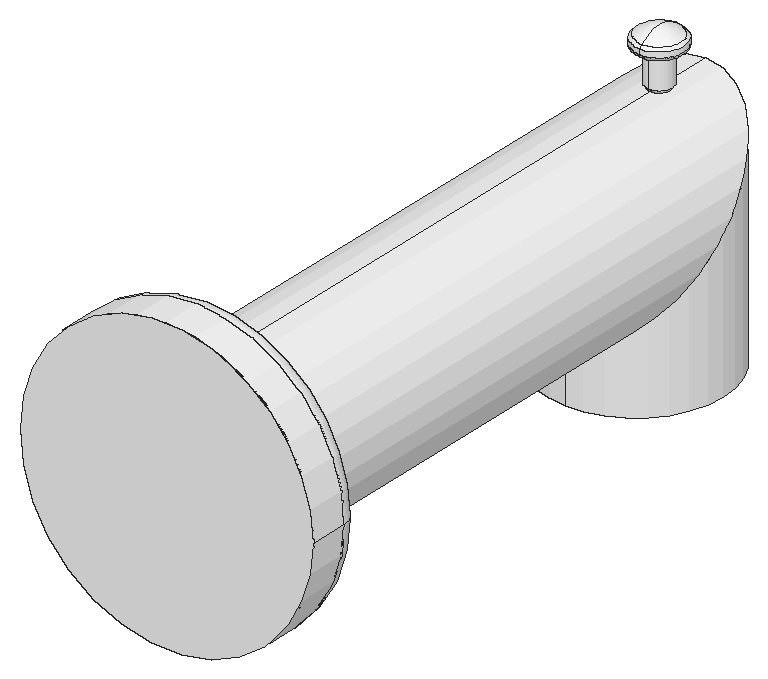
Revit family "S-1558_Speakman_Neo_Diverter Tub Spout", category Plumbing Fixtures, host Wall, Revit 2023
Family settings
  Host = Wall
  Round Connector Dimension = Use Diameter
  Part Type = Normal
  Enable Cutting in Views = Yes
  Always vertical = Yes
  Cut with Voids When Loaded = No
  Maintain Annotation Orientation = No
  Shared = No
  Room Calculation Point = No
Parameters
  Width = 0' - 5 3/4"
  MATERIAL_S-1558 = MATERIAL_S-1558
  Dia. = 0' - 1 1/2"
  Default Elevation = 0' - 0"
Reference planes (in)
  plane 1: y = 0
  plane 2 "Center (Left/Right)": x = 0
  plane 3 "Wall Edge": y = 3
  plane 4 "Center": z = 48.10815
  plane 5: y = 3.5
  plane 6: y = 8.75
  plane 7: x = 1.25
  plane 8: x = -1.25
  plane 9: z = 48.85815
  plane 10: z = 47.35815
  plane 11: y = 8
  plane 12: y = 7.25
  plane 13: y = 8.25
  plane 14: z = 49.35815
  plane 15: z = 46.85815
Forms (in)
  Extrusion 1, solid, material "MATERIAL_S-1558" <- "MATERIAL_S-1558"
    sketch origin (-60, 3, 0) x (-1, 0, 0) y (0, 0, 1)
      loop
        circle (-60, 48.10815) r 1.25
    from 0 to 0.5
  Sweep 2, void
    path in 3D
      loop
        arc (-1.25, 3.5, 48.10815) -> (0, 3.5, 46.85815) -> (1.25, 3.5, 48.10815) r 1.25
        arc (1.25, 3.5, 48.10815) -> (0, 3.5, 49.35815) -> (-1.25, 3.5, 48.10815) r 1.25
    profile origin (0, 3.5, 49.35815) x (0, 0, 1) y (0, 1, 0)
      loop
        line (0, 0) -> (-0.17188, 0)
        arc (-0.17188, 0) -> (-0.05034, -0.05034) -> (0, -0.17187) r 0.17187
        line (0, -0.17187) -> (0, 0)
  Revolve 3, solid, material "MATERIAL_S-1558" <- "MATERIAL_S-1558"
    sketch origin (0, 0, 0) x (0, 1, 0) y (0, 0, 1)
      loop
        line (3.5, 48.98958) -> (3.5, 48.10815) -> (3.70238, 48.10815) -> (3.70238, 48.85815)
        arc (3.70238, 48.85815) -> (3.57856, 48.88901) -> (3.5, 48.98958) r 0.19593
      axis (3.70238, 48.10815) -> (3.5, 48.10815)
    angle from 0 to 360
  Sweep 4, solid, material "MATERIAL_S-1558" <- "MATERIAL_S-1558"
    path origin (0, 0, 0) x (0, 1, 0) y (0, 0, 1)
      loop
        line (3.70238, 48.10815) -> (8, 48.10815) -> (8, 46.85815)
    profile origin (0, 5.85119, 48.10815) x (0, 0, 1) y (1, 0, 0)
      loop
        circle (0, 0) r 0.75
  Revolve 5, solid, material "MATERIAL_S-1558" <- "MATERIAL_S-1558"
    sketch origin (0, 0, 0) x (0, 1, 0) y (0, 0, 1)
      loop
        line (8.25, 48.85815) -> (8.25, 49.33405)
        arc (8.25, 49.33405) -> (8.15272, 49.30995) -> (8.06507, 49.26135) r 0.38151
        line (8.06507, 49.26135) -> (8.04177, 49.23804) -> (8.04177, 49.19176)
        arc (8.04177, 49.19176) -> (8.04913, 49.174) -> (8.06689, 49.16664) r 0.02512
        line (8.06689, 49.16664) -> (8.11317, 49.16664) -> (8.13901, 49.14081) -> (8.13901, 48.89081) -> (8.1708, 48.89081)
        arc (8.1708, 48.89081) -> (8.15447, 48.87448) -> (8.1708, 48.85815) r 0.01633
        line (8.1708, 48.85815) -> (8.25, 48.85815)
      axis (8.25, 49.33405) -> (8.25, 48.85815)
    angle from 0 to 360
Cuts and joins
  Sweep 2 cuts Extrusion 1
  joined: Extrusion 1, Revolve 3, Sweep 4, Revolve 5
Lines and regions (in)
  sketch lines
    curve 1: arc (1.25, 3.5, 48.10815) -> (0, 3.5, 49.35815) -> (-1.25, 3.5, 48.10815) r 1.25
    curve 2: arc (-1.25, 3.5, 48.10815) -> (0, 3.5, 46.85815) -> (1.25, 3.5, 48.10815) r 1.25
Text (in)
  text "Placement Side" at (0, 40.15149, 123.01588), in view "Right"
  text "Placement Side" at (-70.3804, 28.46503, 0), in view "Ref. Level"
  text "Placement Side" at (0, 81.62555, 140.59947), in view "Left"
Dimensions and locks (in)
  locked: plane 3 "Wall Edge" to host wall
  level to plane 4 "Center" = 4' - 0.10815"
  locked: plane 5 to host wall at 0.5
  locked: plane 7 to plane 8 at 2.5
  equal spacing: plane 9, plane 4 "Center", plane 10
  "Dia.": plane 9 to plane 10
  equal spacing: plane 6, plane 11, plane 12
  plane 13 to plane 5 = 0' - 4 3/4"
  plane 14 to plane 15 = 0' - 2 1/2"
  plane 5 to plane 6 = 0' - 5 1/4"
  plane 5 to plane 13 = 0' - 4 3/4"
  host wall to plane 5 = 0' - 0 1/2"
  plane 3 "Wall Edge" to plane 6 = 0' - 5 3/4"
  plane 6 to plane 5 = 0' - 5 1/4"  (x2)
  plane 8 to plane 7 = 0' - 2 1/2"
  plane 10 to plane 9 = 0' - 1 1/2"
  plane 15 to plane 9 = 0' - 2"
  "Width": plane 6 to host wall
  locked: plane 6 to plane 12 at 1.5
  locked: plane 13 to plane 11 at 0.25
  plane 12 to plane 6 = 0' - 1 1/2"
  plane 11 to plane 13 = 0' - 0 1/4"
  plane 5 to plane 3 "Wall Edge" = 0' - 0 1/2"
  aligned and locked: Revolve 3 to plane 5
  aligned and locked: Sweep 4 sketch curve to plane 11
  aligned and locked: plane 4 "Center" to Sweep 4 sketch curve
  aligned and locked: Revolve 5 sketch curve to plane 13
  aligned and locked: Revolve 5 sketch curve to Revolve 5 sketch curve
Automatic sketch dimensions
  Extrusion 1 sketch curve to plane 2 "Center (Left/Right)" = 0' - 0"
  Extrusion 1 sketch curve to plane 4 "Center" = 0' - 0"
  Sweep 2 sketch curve to profile plane = 0' - 0"
  profile plane to Sweep 2 sketch curve = 0' - 0"
  profile plane to Sweep 2 sketch curve = 0' - 0 11/64"
  Revolve 3 sketch curve to plane 5 = 0' - 0"
  Revolve 3 sketch curve to plane 4 "Center" = 0' - 0"
  Revolve 3 sketch curve to plane 9 = 0' - 0"
  plane 5 to Revolve 3 sketch curve = 0' - 0.18527"
  Revolve 3 sketch curve to Revolve 3 sketch curve = 0' - 0.01711"
  Revolve 3 sketch curve to Revolve 3 sketch curve = 0' - 0.19518"
  Sweep 4 sketch curve to plane 2 "Center (Left/Right)" = 0' - 0"
  Sweep 4 sketch curve to profile plane = 0' - 0"
  plane 5 to Sweep 4 sketch curve = 0' - 0.20238"
  Sweep 4 sketch curve to plane 10 = 0' - 0 1/2"
  Revolve 5 sketch curve to plane 9 = 0' - 0"
  Revolve 5 sketch curve to Revolve 5 sketch curve = 0' - 0.0792"
  plane 13 to Revolve 5 sketch curve = 0' - 0.11099"
  Revolve 5 sketch curve to Revolve 5 sketch curve = 0' - 0.02584"  (x2)
  Revolve 5 sketch curve to Revolve 5 sketch curve = 0' - 0.04628"  (x2)
  Revolve 5 sketch curve to plane 11 = 0' - 0.06507"
  Revolve 5 sketch curve to Revolve 5 sketch curve = 0' - 0.0233"  (x2)
  Revolve 5 sketch curve to plane 13 = 0' - 0.04231"
  Revolve 5 sketch curve to Revolve 5 sketch curve = 0' - 0.01633"
  plane 9 to Revolve 5 sketch curve = 0' - 0.09674"
  Revolve 5 sketch curve to plane 14 = 0' - 0.21734"
  Revolve 5 sketch curve to Revolve 5 sketch curve = 0' - 0.01083"
  Revolve 5 sketch curve to Revolve 5 sketch curve = 0' - 0.04471"
  radius of Extrusion 1 sketch curve = 0' - 1 1/4"
  radius of Sweep 4 sketch curve = 0' - 0 3/4"
